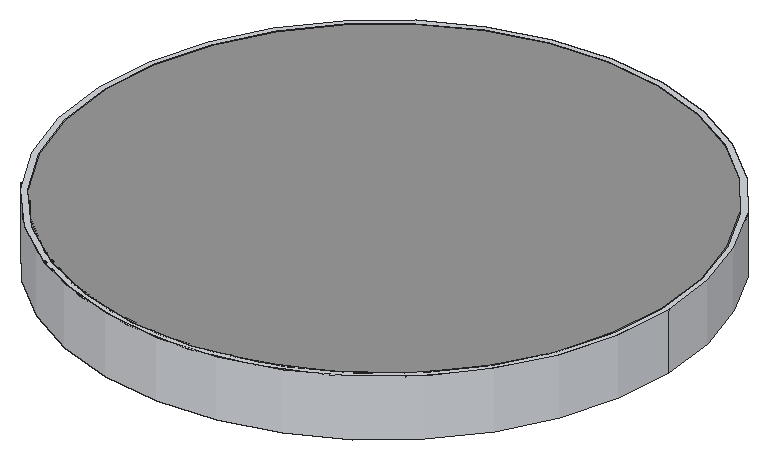
Revit family "2071213", category Lighting Fixtures, host Face, Revit 2018
Family settings
  Host = Face
  Round Connector Dimension = Use Diameter
  Part Type = Normal
  OmniClass Number = 23.80.70.00
  OmniClass Title = Lighting
  Cut with Voids When Loaded = No
  Light Source = Yes
  Shared = No
  Room Calculation Point = No
Parameters (values of type "2071213 COLOSSAL 600 840 OP DIR+H WHT SSA02")
  iner diameter = 588 mm
  Weight = "n/a"
  Wattage Comments = ""
  Wattage = 30 W
  WarrantyStartDate [instance] = "n/a"
  WarrantyGuarantorParts = "n/a"
  WarrantyDurationUnit = "n/a"
  WarrantyDurationParts = ""
  WarrantyDescription = "http://www.sylvania-lighting.com"
  built-in parameter 1150110 = 1 (stored number, unit not read)
  Voltage = 230 V
  URL = "0.95"
  TypeName = "COLOSSAL 600mm 840 OPAL DIR+HAL WHITE SSA02"
  Type Image = <None>
  Type Comments = "n/a"
  built-in parameter 1114217 = 1 (stored number, unit not read)
  Tilt Angle = -90.00°
  built-in parameter 1150109 = 1 (stored number, unit not read)
  built-in parameter 1150134 = (empty or 0)
  built-in parameter 1150113 = 1 (stored number, unit not read)
  SerialNumber [instance] = "n/a"
  Photometric Web File = "2071213.ies"
  Material_3_SYL = LED-Sylvania
  PowerFactor = 0
  PowerConsumption = "Lighting"
  NominalLength = 600 mm
  NominalHeight = 93 mm
  NominalDepth = 600 mm
  Name = "COLOSSAL 600mm 840 OPAL DIR+HAL WHITE SSA02"
  ModelReference = Name  # "COLOSSAL 600mm 840 OPAL DIR+HAL WHITE SSA02"
  ModelNumber = "2071213"
  Model = Name  # "COLOSSAL 600mm 840 OPAL DIR+HAL WHITE SSA02"
  Material = "Feilo Sylvania"
  ManufacturerName = "137 lm/W"
  Manufacturer = ""
  LuminousEfficacy = ""
  built-in parameter 1150105 = 270.44 (stored number, unit not read)
  Lumens = 3398.4 lm
  LuminaireType = "0"
  built-in parameter 1150115 = 1 (stored number, unit not read)
  LightOutputRatio = "LED"
  built-in parameter 1150137 = (empty or 0)
  built-in parameter 1150139 = (empty or 0)
  LampsType = Lamp  # "n/a"
  LampNominalLuminous = "4000 K"
  LampMacAdamStep = "80"
  LampColourTemperature = "LED"
  LampColourRenderingIndex = "16500"
  built-in parameter 1150112 = 1 (stored number, unit not read)
  built-in parameter 1150114 = 1 (stored number, unit not read)
  Lamp = "n/a"
  Keynote = "n/a"
  InstallationDate [instance] = "n/a"
  InputVoltage = "0"
  InputNominalFrequency = "4000"
  built-in parameter 1150132 = (empty or 0)
  built-in parameter 1150102 = (empty or 0)
  built-in parameter 1150107 = 3000 (stored number, unit not read)
  built-in parameter 1150138 = (empty or 0)
  IngressProtection = "IfcLightFixtureType"
  ImpactProtectionIndex = "IfcLightFixtureType"
  built-in parameter 1150106 = 2.7044 (stored number, unit not read)
  IfcExportType = "IfcLightFixtureType"
  IfcExportAs = "Class I"
  Emit from Circle Diameter = 385 mm
  Emit Shape Visible in Rendering = no
  ElectricShockClassification = "137"
  built-in parameter 1150104 = 10.524 (stored number, unit not read)
  DocumentationLiterature = "http://www.sylvania-lighting.com/product/en-int/products/2071213"
  DimmingControlOptions = "n/a"
  Material_2_SYL = Polycarbonate_Sylvania_White
  Dimming Lamp Color Temperature Shift = <None>
  Description = "600mm diameter circular architectural luminaire, can be surface mounted or suspended. Powder coated aluminium housing (RAL9016) with polycarbonate opal diffuser. Direct/indirect (halo) light distribution, 5445lm luminuous flux, 39.7W system power, 137lm/W luminiaire efficacy. Sylsmart Connected enabled. Colour rendering index Ra >80, 4000K Neutral White LED, chromaticity tolerance of 3-step MacAdam ellipse. IP40, IK03. 450mA drive current. Electrical protection Class1, 220-240V. Reported lifetime 66k hours L90B10."
  Default Elevation = 1219.2 mm
  CreatedOn = "23/03/2022"
  CreatedBy = "@sylvania-lighting.com"
  Cost = 0
  Color Filter = 16777215
  built-in parameter 1114216 [instance] = (empty or 0)
  ClassificationValue = "EF_70_80"
  ClassificationName = "Uniclass2015"
  Material_1_SYL = Polycarbonate_Sylvania_Opal
  BarCode [instance] = "n/a"
  built-in parameter 1114218 = 1 (stored number, unit not read)
  built-in parameter 1150133 = 10 (stored number, unit not read)
  AssetType = "Fixed"
  AssetIdentifier [instance] = "n/a"
  Assembly Code = "D5020200"
  Apparent Load = 39.7 VA
  Material_4_SYL = none
Reference planes
  plane 1 "Center (Front/Back)": y = 0
  plane 2: z = 0
  plane 3 "Center (Left/Right)": x = 0
  plane 4: x = -300
  plane 5: x = 300
  plane 6: y = 300
  plane 7: y = -300
  plane 8: y = 212
  plane 9: y = -212
  plane 10: z = 93
  plane 11: y = 294
  plane 12: y = -294
  plane 13: through (0, 0, 1219.2) normal (0.5, -0.866, 0)
  plane 14: through (-134.29, 20.617, 1219.2) normal (0.5, -0.866, 0)
  plane 15: through (-144.685, -181.683, 1219.2) normal (-0.5, 0.866, 0)
  plane 16: through (0, 0, 1219.2) normal (0.5, 0.866, 0)
  plane 17: through (178.555, -4.939, 1219.2) normal (0.5, 0.866, 0)
  plane 18: through (87.581, -148.715, 1219.2) normal (0.5, 0.866, 0)
  plane 19: y = 272
  plane 20: through (105.168, 227.067, 1219.2) normal (0.866, 0.5, 0)
  plane 21: through (-104.171, 225.672, 1219.2) normal (0.8572, -0.515, 0)
  plane 22: y = -204.612
  plane 23: through (-296.643, -30.2, 1219.2) normal (0.866, 0.5, 0)
  plane 24: through (153.092, -278.837, 1219.2) normal (-0.866, 0.5, 0)
Forms (mm)
  Extrusion 1, solid, detail levels medium+fine
    sketch origin (0, 0, 0) x (1, 0, 0) y (0, 1, 0)
      loop
        circle (0, 0) r 300
    from 33.023 to 93
  Extrusion 2, void
    sketch origin (0, 0, 0) x (1, 0, 0) y (0, 1, 0)
      loop
        circle (0, 0) r 294
    from 93 to 37.292
  Extrusion 3, solid, material "Glass, White, High Luminance", detail levels fine
    sketch origin (0, 0, 0) x (1, 0, 0) y (0, 1, 0)
      loop
        circle (0, 0) r 294
    from 88.026 to 93
  Extrusion 4, solid, detail levels coarse
    sketch origin (0, 0, 0) x (1, 0, 0) y (0, 1, 0)
      loop
        line (-300, 300) -> (-300, -300) -> (300, -300) -> (300, 300) -> (-300, 300)
    from 0 to 93
  Blend 5, solid, detail levels medium+fine
    base sketch origin (0, 0, 0) x (1, 0, 0) y (0, 1, 0)
      loop
        line (-76.334, 272) -> (-277.665, -63.07) -> (-195.946, -204.612) -> (195.946, -204.612) -> (275.172, -67.388) -> (79.226, 272) -> (-76.334, 272)
    top sketch origin (0, 0, 0) x (1, 0, 0) y (0, 1, 0)
      loop
        line (-226.097, -32.388) -> (-141.097, -179.612) -> (141.097, -179.612) -> (226.097, -32.388) -> (85, 212) -> (-85, 212) -> (-226.097, -32.388)
    from 33.023 to 0
Cuts and joins
  Extrusion 2 cuts Extrusion 1
Lines and regions (mm)
  model lines
    curve 1: line (-85, 212, 0) -> (0, 212, 0)
    curve 2: line (0, 212, 0) -> (85, 212, 0)
Dimensions and locks
  "NominalDepth": plane 6 to plane 7
  "NominalLength": plane 4 to plane 5
  equal spacing: plane 4, plane 3 "Center (Left/Right)", plane 5
  "iner diameter": plane 11 to plane 12
  equal spacing: plane 11, plane 1 "Center (Front/Back)", plane 12
  equal spacing: plane 6, plane 1 "Center (Front/Back)", plane 7
  "NominalHeight": plane 10 to level
  radius of Extrusion 2 sketch curve = 294 mm
  aligned and locked: plane 2 to host face
  aligned and locked: level to host face
Automatic sketch dimensions
  host sketch curve to host sketch curve = 2438.4 mm  (x2)
  plane 1 "Center (Front/Back)" to Extrusion 1 sketch curve = 0 mm
  Extrusion 1 sketch curve to plane 3 "Center (Left/Right)" = 0 mm
  plane 1 "Center (Front/Back)" to Extrusion 2 sketch curve = 0 mm
  Extrusion 2 sketch curve to plane 3 "Center (Left/Right)" = 0 mm
  plane 1 "Center (Front/Back)" to Extrusion 3 sketch curve = 0 mm
  Extrusion 3 sketch curve to plane 3 "Center (Left/Right)" = 0 mm
  Extrusion 4 sketch curve to plane 4 = 0 mm
  Extrusion 4 sketch curve to plane 5 = 0 mm
  Extrusion 4 sketch curve to plane 7 = 0 mm
  Extrusion 4 sketch curve to plane 6 = 0 mm
  Blend 5 sketch curve to plane 8 = 0 mm
  Blend 5 sketch curve to plane 3 "Center (Left/Right)" = 85 mm
  plane 3 "Center (Left/Right)" to Blend 5 sketch curve = 85 mm
  plane 9 to Blend 5 sketch curve = 32.388 mm
  plane 3 "Center (Left/Right)" to Blend 5 sketch curve = 141.097 mm
  plane 1 "Center (Front/Back)" to Blend 5 sketch curve = 32.388 mm  (x2)
  Blend 5 sketch curve to plane 5 = 73.903 mm
  Blend 5 sketch curve to plane 3 "Center (Left/Right)" = 141.097 mm
  plane 4 to Blend 5 sketch curve = 73.903 mm
  curve 1 to plane 8 = 0 mm
  curve 2 to plane 3 "Center (Left/Right)" = 0 mm
  curve 1 to plane 3 "Center (Left/Right)" = 85 mm
  curve 1 to curve 2 = 85 mm
  Blend 5 sketch curve to plane 21 = 0 mm
  Blend 5 sketch curve to plane 23 = 0 mm  (x2)
  Blend 5 sketch curve to plane 22 = 0 mm
  Blend 5 sketch curve to plane 19 = 0 mm
  plane 21 to Blend 5 sketch curve = 0 mm
  Blend 5 sketch curve to plane 20 = 0 mm  (x2)
  Blend 5 sketch curve to plane 24 = 0 mm  (x2)
  radius of Extrusion 1 sketch curve = 300 mm
  radius of Extrusion 3 sketch curve = 294 mm
Connectors
  electrical at (0, 0, 0), driven by "Apparent Load", driven by "PowerFactor", driven by "Voltage"
    settings: index 1, voltage 230 V, apparent load 39.7 VA, apparent load phase1 0 VA, apparent load phase2 0 VA, apparent load phase3 0 VA, power factor 0, load classification "Lighting", number of poles 1, system type 30, power factor state 1, is connector primary yes, connector utility no, sub classification motor no, connector description ""
